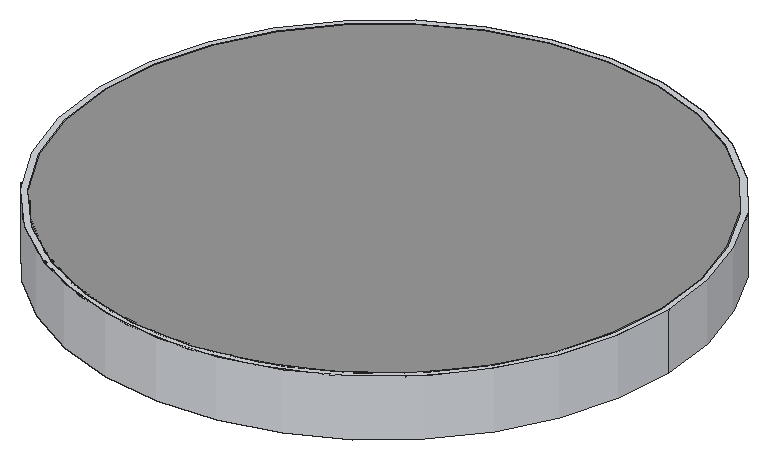
Revit family "2071182", category Lighting Fixtures, host Face, Revit 2018
Family settings
  Host = Face
  Round Connector Dimension = Use Diameter
  Part Type = Normal
  OmniClass Number = 23.80.70.00
  OmniClass Title = Lighting
  Cut with Voids When Loaded = No
  Light Source = Yes
  Shared = No
  Room Calculation Point = No
Parameters (values of type "2071182 COLOSSAL 600 840 PR DIR WHT DALI EM")
  iner diameter = 588 mm
  Weight = "n/a"
  Wattage Comments = ""
  Wattage = 30 W
  WarrantyStartDate [instance] = "n/a"
  WarrantyGuarantorParts = "n/a"
  WarrantyDurationUnit = "n/a"
  WarrantyDurationParts = ""
  WarrantyDescription = "http://www.sylvania-lighting.com"
  built-in parameter 1150110 = 1 (stored number, unit not read)
  Voltage = 230 V
  URL = "0.99"
  TypeName = "COLOSSAL 600mm 840 PRISM DIR WHITE DALI EM"
  Type Image = <None>
  Type Comments = "n/a"
  built-in parameter 1114217 = 1 (stored number, unit not read)
  Tilt Angle = -90.00°
  built-in parameter 1150109 = 1 (stored number, unit not read)
  built-in parameter 1150134 = (empty or 0)
  built-in parameter 1150113 = 1 (stored number, unit not read)
  SerialNumber [instance] = "n/a"
  Photometric Web File = "2071182.ies"
  Material_3_SYL = LED-Sylvania
  PowerFactor = 0
  PowerConsumption = "Lighting"
  NominalLength = 600 mm
  NominalHeight = 93 mm
  NominalDepth = 600 mm
  Name = "COLOSSAL 600mm 840 PRISM DIR WHITE DALI EM"
  ModelReference = Name  # "COLOSSAL 600mm 840 PRISM DIR WHITE DALI EM"
  ModelNumber = "2071182"
  Model = Name  # "COLOSSAL 600mm 840 PRISM DIR WHITE DALI EM"
  Material = "Feilo Sylvania"
  ManufacturerName = "124 lm/W"
  Manufacturer = ""
  LuminousEfficacy = ""
  built-in parameter 1150105 = 270.44 (stored number, unit not read)
  Lumens = 3398.4 lm
  LuminaireType = "0"
  built-in parameter 1150115 = 1 (stored number, unit not read)
  LightOutputRatio = "LED"
  built-in parameter 1150137 = (empty or 0)
  built-in parameter 1150139 = (empty or 0)
  LampsType = Lamp  # "n/a"
  LampNominalLuminous = "4000 K"
  LampMacAdamStep = "80"
  LampColourTemperature = "LED"
  LampColourRenderingIndex = "16500"
  built-in parameter 1150112 = 1 (stored number, unit not read)
  built-in parameter 1150114 = 1 (stored number, unit not read)
  Lamp = "n/a"
  Keynote = "n/a"
  InstallationDate [instance] = "n/a"
  InputVoltage = "0"
  InputNominalFrequency = "4000"
  built-in parameter 1150132 = (empty or 0)
  built-in parameter 1150102 = (empty or 0)
  built-in parameter 1150107 = 3000 (stored number, unit not read)
  built-in parameter 1150138 = (empty or 0)
  IngressProtection = "IfcLightFixtureType"
  ImpactProtectionIndex = "IfcLightFixtureType"
  built-in parameter 1150106 = 2.7044 (stored number, unit not read)
  IfcExportType = "IfcLightFixtureType"
  IfcExportAs = "Class I"
  Emit from Circle Diameter = 385 mm
  Emit Shape Visible in Rendering = no
  ElectricShockClassification = "124"
  built-in parameter 1150104 = 10.524 (stored number, unit not read)
  DocumentationLiterature = "http://www.sylvania-lighting.com/product/en-int/products/2071182"
  DimmingControlOptions = "n/a"
  Material_2_SYL = Polycarbonate_Sylvania_White
  Dimming Lamp Color Temperature Shift = <None>
  Description = "600mm diameter circular architectural luminaire, can be surface mounted or suspended. Powder coated aluminium housing (RAL9016) with PMMA prismatic diffuser. Direct light distribution, 3995lm luminuous flux, 32.1W system power, 125lm/W luminiaire efficacy. DALI dimmable. 3 hours integrated emergency. Colour rendering index Ra >80, 4000K Neutral White LED, chromaticity tolerance of 3-step MacAdam ellipse. IP40, IK03. 350mA drive current. UGR≤19. Electrical protection Class1, 220-240V. Reported lifetime 66k hours L90B10."
  Default Elevation = 1219.2 mm
  CreatedOn = "23/03/2022"
  CreatedBy = "@sylvania-lighting.com"
  Cost = 0
  Color Filter = 16777215
  built-in parameter 1114216 [instance] = (empty or 0)
  ClassificationValue = "EF_70_80"
  ClassificationName = "Uniclass2015"
  Material_1_SYL = Polycarbonate_Sylvania_Opal
  BarCode [instance] = "n/a"
  built-in parameter 1114218 = 1 (stored number, unit not read)
  built-in parameter 1150133 = 10 (stored number, unit not read)
  AssetType = "Fixed"
  AssetIdentifier [instance] = "n/a"
  Assembly Code = "D5020200"
  Apparent Load = 32.1 VA
  Material_4_SYL = none
Reference planes
  plane 1 "Center (Front/Back)": y = 0
  plane 2: z = 0
  plane 3 "Center (Left/Right)": x = 0
  plane 4: x = -300
  plane 5: x = 300
  plane 6: y = 300
  plane 7: y = -300
  plane 8: y = 212
  plane 9: y = -212
  plane 10: z = 93
  plane 11: y = 294
  plane 12: y = -294
  plane 13: through (0, 0, 1219.2) normal (0.5, -0.866, 0)
  plane 14: through (-134.29, 20.617, 1219.2) normal (0.5, -0.866, 0)
  plane 15: through (-144.685, -181.683, 1219.2) normal (-0.5, 0.866, 0)
  plane 16: through (0, 0, 1219.2) normal (0.5, 0.866, 0)
  plane 17: through (178.555, -4.939, 1219.2) normal (0.5, 0.866, 0)
  plane 18: through (87.581, -148.715, 1219.2) normal (0.5, 0.866, 0)
  plane 19: y = 272
  plane 20: through (105.168, 227.067, 1219.2) normal (0.866, 0.5, 0)
  plane 21: through (-104.171, 225.672, 1219.2) normal (0.8572, -0.515, 0)
  plane 22: y = -204.612
  plane 23: through (-296.643, -30.2, 1219.2) normal (0.866, 0.5, 0)
  plane 24: through (153.092, -278.837, 1219.2) normal (-0.866, 0.5, 0)
Forms (mm)
  Extrusion 1, solid, detail levels medium+fine
    sketch origin (0, 0, 0) x (1, 0, 0) y (0, 1, 0)
      loop
        circle (0, 0) r 300
    from 33.023 to 93
  Extrusion 2, void
    sketch origin (0, 0, 0) x (1, 0, 0) y (0, 1, 0)
      loop
        circle (0, 0) r 294
    from 93 to 37.292
  Extrusion 3, solid, material "Glass, White, High Luminance", detail levels fine
    sketch origin (0, 0, 0) x (1, 0, 0) y (0, 1, 0)
      loop
        circle (0, 0) r 294
    from 88.026 to 93
  Extrusion 4, solid, detail levels coarse
    sketch origin (0, 0, 0) x (1, 0, 0) y (0, 1, 0)
      loop
        line (-300, 300) -> (-300, -300) -> (300, -300) -> (300, 300) -> (-300, 300)
    from 0 to 93
  Blend 5, solid, detail levels medium+fine
    base sketch origin (0, 0, 0) x (1, 0, 0) y (0, 1, 0)
      loop
        line (-76.334, 272) -> (-277.665, -63.07) -> (-195.946, -204.612) -> (195.946, -204.612) -> (275.172, -67.388) -> (79.226, 272) -> (-76.334, 272)
    top sketch origin (0, 0, 0) x (1, 0, 0) y (0, 1, 0)
      loop
        line (-226.097, -32.388) -> (-141.097, -179.612) -> (141.097, -179.612) -> (226.097, -32.388) -> (85, 212) -> (-85, 212) -> (-226.097, -32.388)
    from 33.023 to 0
Cuts and joins
  Extrusion 2 cuts Extrusion 1
Lines and regions (mm)
  model lines
    curve 1: line (-85, 212, 0) -> (0, 212, 0)
    curve 2: line (0, 212, 0) -> (85, 212, 0)
Dimensions and locks
  "NominalDepth": plane 6 to plane 7
  "NominalLength": plane 4 to plane 5
  equal spacing: plane 4, plane 3 "Center (Left/Right)", plane 5
  "iner diameter": plane 11 to plane 12
  equal spacing: plane 11, plane 1 "Center (Front/Back)", plane 12
  equal spacing: plane 6, plane 1 "Center (Front/Back)", plane 7
  "NominalHeight": plane 10 to level
  radius of Extrusion 2 sketch curve = 294 mm
  aligned and locked: plane 2 to host face
  aligned and locked: level to host face
Automatic sketch dimensions
  host sketch curve to host sketch curve = 2438.4 mm  (x2)
  plane 1 "Center (Front/Back)" to Extrusion 1 sketch curve = 0 mm
  Extrusion 1 sketch curve to plane 3 "Center (Left/Right)" = 0 mm
  plane 1 "Center (Front/Back)" to Extrusion 2 sketch curve = 0 mm
  Extrusion 2 sketch curve to plane 3 "Center (Left/Right)" = 0 mm
  plane 1 "Center (Front/Back)" to Extrusion 3 sketch curve = 0 mm
  Extrusion 3 sketch curve to plane 3 "Center (Left/Right)" = 0 mm
  Extrusion 4 sketch curve to plane 4 = 0 mm
  Extrusion 4 sketch curve to plane 5 = 0 mm
  Extrusion 4 sketch curve to plane 7 = 0 mm
  Extrusion 4 sketch curve to plane 6 = 0 mm
  Blend 5 sketch curve to plane 8 = 0 mm
  Blend 5 sketch curve to plane 3 "Center (Left/Right)" = 85 mm
  plane 3 "Center (Left/Right)" to Blend 5 sketch curve = 85 mm
  plane 9 to Blend 5 sketch curve = 32.388 mm
  plane 3 "Center (Left/Right)" to Blend 5 sketch curve = 141.097 mm
  plane 1 "Center (Front/Back)" to Blend 5 sketch curve = 32.388 mm  (x2)
  Blend 5 sketch curve to plane 5 = 73.903 mm
  Blend 5 sketch curve to plane 3 "Center (Left/Right)" = 141.097 mm
  plane 4 to Blend 5 sketch curve = 73.903 mm
  curve 1 to plane 8 = 0 mm
  curve 2 to plane 3 "Center (Left/Right)" = 0 mm
  curve 1 to plane 3 "Center (Left/Right)" = 85 mm
  curve 1 to curve 2 = 85 mm
  Blend 5 sketch curve to plane 21 = 0 mm
  Blend 5 sketch curve to plane 23 = 0 mm  (x2)
  Blend 5 sketch curve to plane 22 = 0 mm
  Blend 5 sketch curve to plane 19 = 0 mm
  plane 21 to Blend 5 sketch curve = 0 mm
  Blend 5 sketch curve to plane 20 = 0 mm  (x2)
  Blend 5 sketch curve to plane 24 = 0 mm  (x2)
  radius of Extrusion 1 sketch curve = 300 mm
  radius of Extrusion 3 sketch curve = 294 mm
Connectors
  electrical at (0, 0, 0), driven by "Apparent Load", driven by "PowerFactor", driven by "Voltage"
    settings: index 1, voltage 230 V, apparent load 32.1 VA, apparent load phase1 0 VA, apparent load phase2 0 VA, apparent load phase3 0 VA, power factor 0, load classification "Lighting", number of poles 1, system type 30, power factor state 1, is connector primary yes, connector utility no, sub classification motor no, connector description ""
